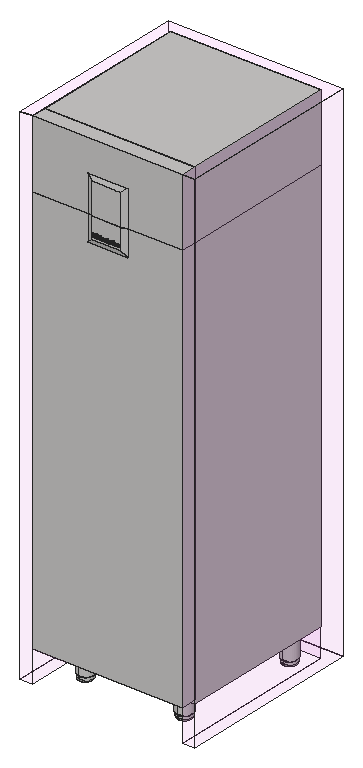
Revit family "QF_ELECTROLUXPROFESSIONAL_691352_PS04F1FHC", category Specialty Equipment, Revit 2018
Family settings
  Round Connector Dimension = Use Diameter
  Part Type = Normal
  Work Plane-Based = No
  Always vertical = Yes
  Cut with Voids When Loaded = No
  Shared = No
  Room Calculation Point = No
Parameters
  Weight = 21.3976 lbm
  Watts = 0 W
  Volts = 380 V
  URL Manufacturer = "http://professional.electrolux.com/"
  URL = "http://professional.electrolux.com/"
  Steam Supply Size = 0"
  Steam Supply Minimum Pressure = 0.00 psi
  Steam Supply Maximum Pressure = 0.00 psi
  Steam Pounds per Hour = 0
  Show Clearance [instance] = yes
  Refrigeration Suction Line Size = 0"
  Refrigeration Liquid Line Size = 0"
  Refrigerant Compressor Remote = yes
  Phase = 0
  Model = "RBC201"
  Manufacturer = "Electrolux"
  Length Actual = 600 mm  # constant formula
  Item Number = "726624"
  Hot Water Size = 0"
  Height Actual = 2040 mm  # constant formula
  HP = "0.5 HP"
  Gas Size = 0"
  Gas KW = 0
  Gas Input Pressure = 0.0 Btu/h
  Direct Waste Size = 0"
  Description = "BLAST CHILLER 56 KG 20 GN1/1"
  Depth Actual = 700 mm  # constant formula
  Cycle = 50 Hz
  Condensate Return Size = 0"
  Compressed Air Volume = 0 GPM
  Compressed Air Size = 0"
  Compressed Air Pressure = 0.00 psi
  Cold Water Size = 0"
  Accessory = yes
Types (2, lengths in mm): name | Volts | URL Manufacturer | URL | Phase | Model | Manufacturer | Item Number | Description
  (no name) | 380 V | "http://professional.electrolux.com/" | "http://professional.electrolux.com/" | 0 | "RBC201" | "Electrolux" | "726624" | "BLAST CHILLER 56 KG 20 GN1/1"
  Standard | 220 V | "http://professional.electrolux.com" | "http://professional.electrolux.com" | 1 | "PS04F1FHC" | "Electrolux Professional" | "691352" | "1-DOOR FREEZER 470LT,-15/-22°, PROSTORE-R290"
Reference planes
  plane 1 "BACK": y = 0
  plane 2: z = 0
  plane 3 "LEFT": x = 0
  plane 4 "RIGHT": x = 600
  plane 5 "FRONT": y = -700
  plane 6 "TOP": z = 2040
  plane 7 "Center Y": x = 300
  plane 8 "Center X": y = -350
  plane 9: x = 102
  plane 10: x = 498
  plane 11: z = 115
  plane 12: z = 86
  plane 13: y = -80
  plane 14: y = -694
  plane 15: y = -1227
  plane 16: y = -630
  plane 17: z = 1770
  plane 18: x = -50
  plane 19: y = 50
  plane 20: x = 650
Forms (mm)
  Extrusion 1, solid, material "QF_Metal - Stainless - Polished"
    sketch origin (0, 0, 0) x (1, 0, 0) y (0, 0, 1)
      loop
        line (0, 2040) -> (0, 1770) -> (600, 1770) -> (600, 2040) -> (0, 2040)
    from 0 to 630
  Extrusion 2, solid, material "QF_Metal - Stainless - Polished"
    sketch origin (0, 0, 0) x (1, 0, 0) y (0, 0, 1)
      loop
        line (0, 1770) -> (0, 115) -> (600, 115) -> (600, 1770) -> (0, 1770)
    from 0 to 630
  Extrusion 3, solid, material "QF_Metal - Stainless - Polished"
    sketch origin (-370, 0, -128) x (1, 0, 0) y (0, 0, 1)
      loop
        circle (450, 1847.083) r 20
    from -7.507 to 0
  Extrusion 4, solid, material "QF_Door-Drawer Clearances", visible <- "Show Clearance", detail levels coarse
    sketch origin (0, 0, 0) x (1, 0, 0) y (0, 1, 0)
      loop
        line (600, -694) -> (0, -694)
        arc (0, -694) -> (187.42, -1087.232) -> (600, -1227) r 559.707
        line (600, -1227) -> (600, -694)
    from 127.536 to 1770
  Extrusion 5, solid, material "QF_Metal - Stainless - Polished"
    sketch origin (0, 130.478, 0) x (1, 0, 0) y (0, 0, 1)
      loop
        line (0, 2040) -> (0, 1770) -> (600, 1770) -> (600, 2040) -> (0, 2040)
    from 760.478 to 824.478
  Extrusion 6, solid, material "QF_Metal - Stainless - Polished"
    sketch origin (0, 140, 0) x (1, 0, 0) y (0, 0, 1)
      loop
        line (0, 1770) -> (0, 127.536) -> (600, 127.536) -> (600, 1770) -> (0, 1770)
    from 834 to 770
  Revolve 7, solid, material "QF_Metal - Stainless - Polished"
    sketch origin (497.59, -2.833, 0) x (0, 1, 0) y (0, 0, -1)
      loop
        line (-590.954, -115) -> (-553.167, -115) -> (-553.167, 0) -> (-578.757, 0)
        arc (-578.757, 0) -> (-580.973, -2.655) -> (-581.767, -6.021) r 7.527
        line (-581.767, -6.021) -> (-581.767, -17.561) -> (-585.28, -21.074) -> (-585.28, -110.008) -> (-590.954, -110.008) -> (-590.954, -115)
      axis (-553.167, 0) -> (-553.167, -115)
    angle from 0 to 360
  Revolve 8, solid, material "QF_Metal - Stainless - Polished"
    sketch origin (102, -2.833, 0) x (0, 1, 0) y (0, 0, 1)
      loop
        line (-590.954, 115) -> (-590.954, 110.008) -> (-585.28, 110.008) -> (-585.28, 21.074) -> (-581.767, 17.561) -> (-581.767, 6.021)
        arc (-581.767, 6.021) -> (-580.973, 2.655) -> (-578.757, 0) r 7.527
        line (-578.757, 0) -> (-553.167, 0) -> (-553.167, 115) -> (-590.954, 115)
      axis (-553.167, 0) -> (-553.167, 115)
    angle from 0 to 360
  Revolve 9, solid, material "QF_Metal - Stainless - Polished"
    sketch origin (538, -759.167, 0) x (0, -1, 0) y (0, 0, 1)
      loop
        line (-716.954, 115) -> (-716.954, 110.008) -> (-711.28, 110.008) -> (-711.28, 21.074) -> (-707.767, 17.561) -> (-707.767, 6.021)
        arc (-707.767, 6.021) -> (-706.973, 2.655) -> (-704.757, 0) r 7.527
        line (-704.757, 0) -> (-679.167, 0) -> (-679.167, 115) -> (-716.954, 115)
      axis (-679.167, 0) -> (-679.167, 115)
    angle from 0 to 360
  Revolve 10, solid, material "QF_Metal - Stainless - Polished"
    sketch origin (62, -759.167, 0) x (0, -1, 0) y (0, 0, 1)
      loop
        line (-716.954, 115) -> (-716.954, 110.008) -> (-711.28, 110.008) -> (-711.28, 21.074) -> (-707.767, 17.561) -> (-707.767, 6.021)
        arc (-707.767, 6.021) -> (-706.973, 2.655) -> (-704.757, 0) r 7.527
        line (-704.757, 0) -> (-679.167, 0) -> (-679.167, 115) -> (-716.954, 115)
      axis (-679.167, 0) -> (-679.167, 115)
    angle from 0 to 360
  Blend 11, solid, material "QF_Metal - Stainless - Polished"
    base sketch origin (-150, -694, 0) x (1, 0, 0) y (0, 0, 1)
      loop
        line (370, 1914.822) -> (370, 1664.822) -> (530, 1664.822) -> (530, 1914.822) -> (370, 1914.822)
    top sketch origin (-150, -694, 0) x (1, 0, 0) y (0, 0, 1)
      loop
        line (510, 1894.822) -> (390, 1894.822) -> (390, 1684.822) -> (510, 1684.822) -> (510, 1894.822)
    from 0 to 6
  Extrusion 12, void
    sketch origin (-150, -700, 0) x (-1, 0, 0) y (0, 0, 1)
      loop
        line (-370, 1770.997) -> (-530, 1770.997) -> (-530, 1769.003) -> (-370, 1769.003) -> (-370, 1770.997)
    from 0 to 6
  Extrusion 13, solid, material "QF_Door-Drawer Clearances"
    sketch origin (0, 0, 0) x (1, 0, 0) y (0, 1, 0)
      loop
        line (0, -694) -> (0, 0) -> (600, 0) -> (600, -694) -> (650, -694) -> (650, 50) -> (-50, 50) -> (-50, -694) -> (0, -694)
    from 0 to 2040
Cuts and joins
  Extrusion 12 cuts Extrusion 1
  Extrusion 12 cuts Extrusion 2
  Extrusion 12 cuts Extrusion 5
  Extrusion 12 cuts Extrusion 6
  Extrusion 12 cuts Blend 11
Lines and regions (mm)
  Split face 1
    outline origin (-150, -700, 0) x (1, 0, 0) y (0, 0, 1)
      loop
        line (415, 1894.822) -> (415, 1742.499) -> (485, 1742.499) -> (485, 1894.822)
  symbolic lines
    curve 1: line (0, 0, 0) -> (600, 0, 0)
    curve 2: line (0, -694, 0) -> (0, 0, 0)
    curve 3: line (600, -694, 0) -> (0, -694, 0)
    curve 4: line (600, 0, 0) -> (600, -694, 0)
    curve 5: line (0, -630, 0) -> (600, -630, 0)
    curve 6: line (220, -694, 0) -> (240, -700, 0)
    curve 7: line (240, -700, 0) -> (360, -700, 0)
    curve 8: line (360, -700, 0) -> (380, -694, 0)
  symbolic lines, style "QF_Door-Drawer Clearances"
    curve 9: arc (0, -694, 0) -> (187.42, -1087.232, 0) -> (600, -1227, 0) r 559.707
    curve 10: line (600, -1227, 0) -> (600, -694, 0)
    curve 11: line (0, -694, 0) -> (-50, -694, 0)
    curve 12: line (-50, -694, 0) -> (-50, 50, 0)
    curve 13: line (-50, 50, 0) -> (650, 50, 0)
    curve 14: line (650, 50, 0) -> (650, -694, 0)
    curve 15: line (650, -694, 0) -> (600, -694, 0)
Dimensions and locks
  equal spacing: plane 3 "LEFT", plane 7 "Center Y", plane 4 "RIGHT"
  plane 3 "LEFT" to plane 4 "RIGHT" = 600 mm
  equal spacing: plane 5 "FRONT", plane 8 "Center X", plane 1 "BACK"
  plane 5 "FRONT" to plane 1 "BACK" = 700 mm
  plane 6 "TOP" to level = 2040 mm
  plane 9 to plane 3 "LEFT" = 102 mm
  plane 10 to plane 4 "RIGHT" = 102 mm
  plane 11 to level = 115 mm
  plane 12 to plane 11 = 29 mm
  plane 1 "BACK" to plane 13 = 80 mm
  plane 15 to plane 1 "BACK" = 1227 mm
  plane 3 "LEFT" to Extrusion 4 = 600 mm
  plane 11 to plane 2 = 115 mm
  plane 1 "BACK" to plane 16 = 630 mm
  plane 18 to plane 3 "LEFT" = 50 mm
  plane 4 "RIGHT" to plane 20 = 50 mm
  plane 1 "BACK" to plane 19 = 50 mm
  aligned and locked: level to plane 2
  aligned and locked: Extrusion 5 to plane 4 "RIGHT"
  aligned and locked: Extrusion 5 to plane 3 "LEFT"
  aligned and locked: plane 5 "FRONT" to Blend 11
Automatic sketch dimensions
  Extrusion 1 sketch curve to plane 3 "LEFT" = 0 mm
  plane 4 "RIGHT" to Extrusion 1 sketch curve = 0 mm
  Extrusion 1 sketch curve to plane 17 = 0 mm
  Extrusion 1 sketch curve to plane 6 "TOP" = 0 mm
  Extrusion 2 sketch curve to plane 3 "LEFT" = 0 mm
  plane 4 "RIGHT" to Extrusion 2 sketch curve = 0 mm
  Extrusion 2 sketch curve to plane 11 = 0 mm
  Extrusion 2 sketch curve to plane 17 = 0 mm
  Extrusion 3 sketch curve to plane 9 = 22 mm
  Extrusion 3 sketch curve to plane 17 = 50.917 mm
  Extrusion 4 sketch curve to plane 3 "LEFT" = 0 mm
  Extrusion 4 sketch curve to plane 4 "RIGHT" = 0 mm
  Extrusion 4 sketch curve to plane 15 = 0 mm
  plane 14 to Extrusion 4 sketch curve = 0 mm
  Extrusion 4 sketch curve to plane 14 = 25.214 mm
  Extrusion 5 sketch curve to plane 3 "LEFT" = 0 mm
  plane 4 "RIGHT" to Extrusion 5 sketch curve = 0 mm
  Extrusion 5 sketch curve to plane 17 = 0 mm
  Extrusion 5 sketch curve to plane 6 "TOP" = 0 mm
  Extrusion 6 sketch curve to plane 3 "LEFT" = 0 mm
  plane 4 "RIGHT" to Extrusion 6 sketch curve = 0 mm
  Extrusion 6 sketch curve to plane 17 = 0 mm
  plane 11 to Extrusion 6 sketch curve = 12.536 mm
  plane 11 to Revolve 7 sketch curve = 0 mm
  Revolve 7 sketch curve to level = 0 mm
  plane 16 to Revolve 7 sketch curve = 36.213 mm
  Revolve 7 sketch curve to Revolve 7 sketch curve = 5.674 mm
  Revolve 7 sketch curve to Revolve 7 sketch curve = 3.513 mm  (x2)
  Revolve 7 sketch curve to Revolve 7 sketch curve = 3.01 mm
  level to Revolve 7 sketch curve = 6.021 mm
  Revolve 7 sketch curve to Revolve 7 sketch curve = 21.073 mm
  Revolve 7 sketch curve to plane 11 = 4.992 mm  (x2)
  Revolve 7 sketch curve to Revolve 7 sketch curve = 15.053 mm
  Revolve 7 sketch curve to Revolve 7 sketch curve = 0 mm
  Revolve 7 sketch curve to Revolve 7 sketch curve = 20.008 mm
  Revolve 8 sketch curve to plane 11 = 0 mm
  Revolve 8 sketch curve to level = 0 mm
  plane 16 to Revolve 8 sketch curve = 36.213 mm
  Revolve 8 sketch curve to Revolve 8 sketch curve = 5.674 mm
  Revolve 8 sketch curve to Revolve 8 sketch curve = 3.513 mm  (x2)
  Revolve 8 sketch curve to Revolve 8 sketch curve = 3.01 mm
  level to Revolve 8 sketch curve = 6.021 mm
  Revolve 8 sketch curve to Revolve 8 sketch curve = 21.073 mm
  Revolve 8 sketch curve to Revolve 8 sketch curve = 11.54 mm
  Revolve 8 sketch curve to plane 11 = 4.992 mm
  Revolve 8 sketch curve to Revolve 8 sketch curve = 0 mm
  Revolve 8 sketch curve to Revolve 8 sketch curve = 4.992 mm
  plane 11 to Revolve 8 sketch curve = 20.008 mm
  Revolve 9 sketch curve to plane 11 = 0 mm
  Revolve 9 sketch curve to level = 0 mm
  Revolve 9 sketch curve to plane 13 = 0 mm  (x2)
  level to Revolve 9 sketch curve = 6.021 mm
  Revolve 9 sketch curve to plane 13 = 21.073 mm
  Revolve 9 sketch curve to Revolve 9 sketch curve = 4.517 mm
  Revolve 9 sketch curve to Revolve 9 sketch curve = 3.513 mm  (x2)
  Revolve 9 sketch curve to Revolve 9 sketch curve = 5.674 mm
  Revolve 9 sketch curve to Revolve 9 sketch curve = 11.54 mm
  Revolve 9 sketch curve to plane 11 = 4.992 mm
  Revolve 9 sketch curve to Revolve 9 sketch curve = 4.992 mm
  plane 11 to Revolve 9 sketch curve = 20.008 mm
  Revolve 10 sketch curve to plane 11 = 0 mm
  Revolve 10 sketch curve to level = 0 mm
  Revolve 10 sketch curve to plane 13 = 0 mm  (x2)
  Revolve 10 sketch curve to level = 6.021 mm
  plane 13 to Revolve 10 sketch curve = 21.073 mm
  Revolve 10 sketch curve to Revolve 10 sketch curve = 4.517 mm
  Revolve 10 sketch curve to Revolve 10 sketch curve = 3.513 mm  (x2)
  Revolve 10 sketch curve to Revolve 10 sketch curve = 5.674 mm
  Revolve 10 sketch curve to Revolve 10 sketch curve = 11.54 mm
  plane 11 to Revolve 10 sketch curve = 4.992 mm  (x2)
  Revolve 10 sketch curve to Revolve 10 sketch curve = 20.008 mm
  Blend 11 sketch curve to Extrusion 6 = 105.178 mm
  Blend 11 sketch curve to Extrusion 6 = 220 mm
  Blend 11 sketch curve to Blend 11 sketch curve = 160 mm
  Extrusion 6 to Blend 11 sketch curve = 144.822 mm
  Extrusion 6 to Blend 11 sketch curve = 124.822 mm
  Blend 11 sketch curve to Extrusion 6 = 240 mm
  Blend 11 sketch curve to Blend 11 sketch curve = 120 mm
  Blend 11 sketch curve to Extrusion 6 = 85.178 mm
  Split face 1 sketch curve to Blend 11 = 0 mm  (x2)
  Split face 1 sketch curve to Blend 11 = 25 mm  (x2)
  Split face 1 sketch curve to Blend 11 = 57.677 mm
  Extrusion 12 sketch curve to Blend 11 = 20 mm  (x2)
  Blend 11 to Extrusion 12 sketch curve = 84.181 mm
  Extrusion 12 sketch curve to Extrusion 12 sketch curve = 1.995 mm
  Extrusion 13 sketch curve to plane 18 = 0 mm
  plane 1 "BACK" to Extrusion 13 sketch curve = 0 mm
  Extrusion 13 sketch curve to plane 3 "LEFT" = 0 mm
  Extrusion 13 sketch curve to plane 4 "RIGHT" = 0 mm
  Extrusion 13 sketch curve to plane 19 = 0 mm
  Extrusion 13 sketch curve to plane 20 = 0 mm
  plane 14 to Extrusion 13 sketch curve = 0 mm  (x2)
  curve 13 to plane 18 = 0 mm
  curve 3 to plane 3 "LEFT" = 0 mm
  plane 5 "FRONT" to curve 7 = 0 mm
  curve 9 to plane 4 "RIGHT" = 0 mm
  curve 15 to plane 4 "RIGHT" = 0 mm
  plane 14 to curve 14 = 0 mm
  curve 14 to plane 20 = 0 mm
  curve 10 to plane 15 = 0 mm
  curve 5 to plane 16 = 0 mm
  plane 1 "BACK" to curve 4 = 0 mm
  curve 13 to plane 19 = 0 mm
  curve 7 to plane 7 "Center Y" = 60 mm
  plane 7 "Center Y" to curve 8 = 60 mm
  curve 9 to plane 14 = 25.214 mm
  curve 6 to curve 6 = 20 mm
  curve 7 to curve 8 = 20 mm
  radius of Extrusion 3 sketch curve = 20 mm
Nested families
  nested 1: "ELX_Logo_S" at (300.625, -700, 1704.375) x (1, 0, 0) z (0, -1, 0), type "ELX_Logo_S"
Connectors
  electrical at (80, 7.507, 1719.083), driven by "Volts"
    settings: on Extrusion 3, index 2, voltage 380 V, apparent load 0 VA, apparent load phase1 0 VA, apparent load phase2 0 VA, apparent load phase3 0 VA, power factor 1, load classification "Other", number of poles 1, system type 30, power factor state 1, is connector primary yes, connector utility no, sub classification motor no, connector description "Electrical Connection"
Definition of nested family "ELX_Logo_S"
  Parameters (values of type "ELX_Logo_S")
    Default Elevation = 0 mm
  Reference planes
    plane 1 "Centro (Fronte/Retro)": y = 0
    plane 2: z = 0
    plane 3 "Centro (Sinistra/Destra)": x = 0
  Forms (mm)
    Extrusion 1, solid
      sketch origin (0, 0, 0) x (1, 0, 0) y (0, 1, 0)
        loop
          line (-1219.2, 1219.2) -> (-1219.2, -1219.2) -> (1219.2, -1219.2) -> (1219.2, 1219.2) -> (-1219.2, 1219.2)
      from 0 to -304.8
    Extrusion 2, solid
      sketch origin (0, 0, 0) x (1, 0, 0) y (0, 1, 0)
        loop
          line (-43.793, 5.912) -> (-43.793, -6.455)
          arc (-43.793, -6.455) -> (-39.222, -0.272) -> (-43.793, 5.912) r 6.467
        loop
          arc (-44.422, 5.912) -> (-49.565, 4.743) -> (-52.043, 0.087) r 6.338
          line (-52.043, 0.087) -> (-49.997, 0.087)
          arc (-49.997, 0.087) -> (-46.342, 1.57) -> (-44.422, 5.016) r 5.941
          line (-44.422, 5.016) -> (-44.422, 5.912)
        loop
          arc (-44.422, -5.559) -> (-46.342, -2.114) -> (-49.997, -0.63) r 5.941
          line (-49.997, -0.63) -> (-52.043, -0.63)
          arc (-52.043, -0.63) -> (-49.569, -5.324) -> (-44.422, -6.614) r 6.504
          line (-44.422, -6.614) -> (-44.422, -5.559)
        loop
          line (-52.512, 6.586) -> (-52.512, -7.158) -> (-38.749, -7.158) -> (-38.749, 6.586) -> (-52.512, 6.586)
        loop
          arc (-35.782, 6.67) -> (-36.139, 6.322) -> (-35.801, 5.955) r 0.358
          arc (-35.801, 5.955) -> (-35.051, 5.641) -> (-34.666, 4.924) r 1.216
          line (-34.666, 4.924) -> (-34.666, -5.488)
          arc (-34.666, -5.488) -> (-34.944, -6.148) -> (-35.54, -6.544) r 1.238
          arc (-35.54, -6.544) -> (-35.791, -6.939) -> (-35.437, -7.244) r 0.358
          line (-35.437, -7.244) -> (-25.558, -7.244) -> (-25.558, -4.494) -> (-26.455, -4.494)
          arc (-26.455, -4.494) -> (-27.035, -5.403) -> (-28.012, -5.858) r 1.928
          line (-28.012, -5.858) -> (-30.511, -5.858)
          arc (-30.511, -5.858) -> (-31.24, -5.583) -> (-31.604, -4.894) r 1.101
          line (-31.604, -4.894) -> (-31.604, -0.808) -> (-27.931, -0.808)
          arc (-27.931, -0.808) -> (-27.434, -1.16) -> (-27.206, -1.725) r 1.083
          arc (-27.206, -1.725) -> (-26.9, -1.989) -> (-26.622, -1.697) r 0.292
          line (-26.622, -1.697) -> (-26.622, 1.265)
          arc (-26.622, 1.265) -> (-26.895, 1.568) -> (-27.225, 1.329) r 0.305
          arc (-27.225, 1.329) -> (-27.473, 0.839) -> (-27.931, 0.534) r 1.083
          line (-27.931, 0.534) -> (-31.604, 0.534) -> (-31.604, 5.211) -> (-27.857, 5.211)
          arc (-27.857, 5.211) -> (-27.101, 4.997) -> (-26.603, 4.39) r 1.314
          arc (-26.603, 4.39) -> (-26.199, 4.171) -> (-25.907, 4.526) r 0.361
          line (-25.907, 4.526) -> (-25.907, 6.67) -> (-35.782, 6.67)
        loop
          arc (-25.126, 5.953) -> (-24.207, 5.572) -> (-23.827, 4.654) r 1.299
          line (-23.827, 4.654) -> (-23.827, -4.925)
          arc (-23.827, -4.925) -> (-24.205, -5.763) -> (-25.083, -6.035) r 1.118
          line (-25.083, -6.035) -> (-25.083, -7.244) -> (-19.733, -7.244) -> (-19.733, -6.056)
          arc (-19.733, -6.056) -> (-20.65, -5.784) -> (-21.046, -4.914) r 1.153
          line (-21.046, -4.914) -> (-21.046, 7.158) -> (-25.126, 5.953)
        loop
          line (-17.097, -2.28) -> (-10.65, -2.28) -> (-10.65, -1.481)
          arc (-10.65, -1.481) -> (-11.634, 1.1) -> (-14.088, 2.369) r 3.874
          line (-14.088, 2.369) -> (-15.848, 2.369)
          arc (-15.848, 2.369) -> (-18.713, 1.182) -> (-19.899, -1.682) r 4.051
          line (-19.899, -1.682) -> (-19.899, -3.691)
          arc (-19.899, -3.691) -> (-18.414, -6.509) -> (-15.407, -7.561) r 4.352
          arc (-15.407, -7.561) -> (-12.944, -7.196) -> (-10.87, -5.819) r 5.713
          line (-10.87, -5.819) -> (-10.87, -4.87)
          arc (-10.87, -4.87) -> (-12.439, -5.603) -> (-14.157, -5.819) r 5.579
          arc (-14.157, -5.819) -> (-16.12, -5.025) -> (-17.097, -3.146) r 3.057
          line (-17.097, -3.146) -> (-17.097, -2.28)
        loop
          line (-17.097, -1.02) -> (-13.515, -1.02)
          arc (-13.515, -1.02) -> (-13.468, 0.436) -> (-14.627, 1.319) r 1.59
          line (-14.627, 1.319) -> (-15.457, 1.319)
          arc (-15.457, 1.319) -> (-16.712, 0.455) -> (-17.097, -1.02) r 2.184
        loop
          arc (-1.232, 1.771) -> (-2.906, 2.259) -> (-4.643, 2.417) r 9.023
          line (-4.643, 2.417) -> (-6.005, 2.417)
          arc (-6.005, 2.417) -> (-8.805, 1.257) -> (-9.965, -1.542) r 3.959
          line (-9.965, -1.542) -> (-9.965, -4.142)
          arc (-9.965, -4.142) -> (-8.672, -6.424) -> (-6.299, -7.541) r 4.331
          line (-6.299, -7.541) -> (-4.164, -7.541)
          arc (-4.164, -7.541) -> (-2.614, -7.033) -> (-1.268, -6.112) r 5.772
          arc (-1.268, -6.112) -> (-1.217, -5.35) -> (-1.976, -5.263) r 0.553
          arc (-1.976, -5.263) -> (-2.71, -5.651) -> (-3.529, -5.785) r 2.573
          line (-3.529, -5.785) -> (-5.044, -5.785)
          arc (-5.044, -5.785) -> (-6.686, -4.779) -> (-7.328, -2.965) r 2.884
          line (-7.328, -2.965) -> (-7.328, -1.686)
          arc (-7.328, -1.686) -> (-6.768, 0.135) -> (-5.103, 1.062) r 2.554
          line (-5.103, 1.062) -> (-4.05, 1.062)
          arc (-4.05, 1.062) -> (-3.122, 0.73) -> (-2.387, 0.073) r 2.564
          arc (-2.387, 0.073) -> (-1.67, -0.148) -> (-1.232, 0.461) r 0.643
          line (-1.232, 0.461) -> (-1.232, 1.771)
        loop
          line (-0.962, 0.752) -> (0.539, 0.752) -> (0.539, -5.296)
          arc (0.539, -5.296) -> (1.197, -6.884) -> (2.785, -7.541) r 2.246
          line (2.785, -7.541) -> (4.369, -7.541)
          arc (4.369, -7.541) -> (5.233, -7.228) -> (6.005, -6.727) r 4.06
          arc (6.005, -6.727) -> (6.138, -5.995) -> (5.437, -5.743) r 0.576
          arc (5.437, -5.743) -> (4.911, -5.849) -> (4.379, -5.785) r 1.69
          arc (4.379, -5.785) -> (3.591, -5.244) -> (3.288, -4.337) r 1.506
          line (3.288, -4.337) -> (3.288, 0.801) -> (5.685, 0.801) -> (6.241, 1.357) -> (6.241, 2.179) -> (3.382, 2.179) -> (3.382, 5.41) -> (-0.962, 0.752)
        loop
          line (7.139, -7.324) -> (12.526, -7.324) -> (12.526, -6.214)
          arc (12.526, -6.214) -> (11.575, -5.82) -> (11.181, -4.869) r 1.345
          line (11.181, -4.869) -> (11.181, -1.253)
          arc (11.181, -1.253) -> (11.773, -0.488) -> (12.695, -0.199) r 1.615
          line (12.695, -0.199) -> (14.251, -0.199) -> (14.936, 2.357) -> (13.553, 2.357) -> (10.994, 0.414) -> (10.994, 2.295) -> (8.288, 2.01)
          arc (8.288, 2.01) -> (7.758, 1.571) -> (7.959, 0.912) r 0.621
          arc (7.959, 0.912) -> (8.301, 0.512) -> (8.484, 0.018) r 1.501
          line (8.484, 0.018) -> (8.484, -4.869)
          arc (8.484, -4.869) -> (8.09, -5.82) -> (7.139, -6.214) r 1.345
          line (7.139, -6.214) -> (7.139, -7.324)
        loop
          line (14.473, -1.222) -> (14.473, -3.914)
          arc (14.473, -3.914) -> (15.781, -6.36) -> (18.311, -7.494) r 4.288
          arc (18.311, -7.494) -> (19.692, -7.557) -> (21.072, -7.494) r 15.022
          arc (21.072, -7.494) -> (23.603, -6.36) -> (24.91, -3.914) r 4.288
          line (24.91, -3.914) -> (24.91, -1.222)
          arc (24.91, -1.222) -> (23.603, 1.223) -> (21.072, 2.357) r 4.288
          arc (21.072, 2.357) -> (19.692, 2.421) -> (18.311, 2.357) r 15.022
          arc (18.311, 2.357) -> (15.781, 1.223) -> (14.473, -1.222) r 4.288
        loop
          line (17.587, -1.017) -> (17.587, -4.119)
          arc (17.587, -4.119) -> (19.744, -6.276) -> (21.901, -4.119) r 2.157
          line (21.901, -4.119) -> (21.901, -1.017)
          arc (21.901, -1.017) -> (19.744, 1.14) -> (17.587, -1.017) r 2.157
        loop
          arc (24.768, 5.964) -> (25.662, 5.593) -> (26.033, 4.699) r 1.264
          line (26.033, 4.699) -> (26.033, -5.165)
          arc (26.033, -5.165) -> (25.636, -6.035) -> (24.72, -6.307) r 1.153
          line (24.72, -6.307) -> (24.72, -7.244) -> (29.828, -7.244) -> (29.828, -6.316)
          arc (29.828, -6.316) -> (29.056, -5.957) -> (28.741, -5.165) r 1.153
          line (28.741, -5.165) -> (28.741, 7.158) -> (24.768, 5.964)
        loop
          arc (29.365, 1.084) -> (30.43, 0.885) -> (30.912, -0.085) r 1.215
          line (30.912, -0.085) -> (30.912, -5.105)
          arc (30.912, -5.105) -> (31.559, -6.719) -> (33.142, -7.44) r 2.338
          line (33.142, -7.44) -> (34.657, -7.44)
          arc (34.657, -7.44) -> (35.661, -7.266) -> (36.547, -6.763) r 2.979
          line (36.547, -6.763) -> (38.344, -7.244) -> (40.032, -7.244) -> (40.032, 2.181) -> (35.829, 1.887) -> (35.829, 1.101)
          arc (35.829, 1.101) -> (36.665, 0.745) -> (37.174, -0.007) r 1.605
          line (37.174, -0.007) -> (37.174, -5.11)
          arc (37.174, -5.11) -> (36.237, -5.531) -> (35.213, -5.603) r 2.94
          arc (35.213, -5.603) -> (34.112, -5.042) -> (33.669, -3.889) r 1.724
          line (33.669, -3.889) -> (33.669, 2.307) -> (29.365, 1.084)
        loop
          line (40.886, 2.112) -> (42.932, 0.44) -> (45.238, -2.734) -> (42.126, -6.191)
          arc (42.126, -6.191) -> (41.732, -6.428) -> (41.273, -6.405) r 0.789
          line (41.273, -6.405) -> (41.273, -7.244) -> (44.818, -7.244) -> (44.818, -6.418)
          arc (44.818, -6.418) -> (44.456, -6.076) -> (44.548, -5.586) r 0.52
          line (44.548, -5.586) -> (46.019, -3.786) -> (47.394, -5.904)
          arc (47.394, -5.904) -> (47.084, -6.305) -> (46.585, -6.392) r 0.7
          line (46.585, -6.392) -> (46.585, -7.244) -> (52.512, -7.244) -> (52.512, -6.358)
          arc (52.512, -6.358) -> (51.853, -6.291) -> (51.322, -5.896) r 1.247
          line (51.322, -5.896) -> (48.041, -1.696) -> (50.094, 0.751) -> (51.836, 2.112) -> (48.112, 2.112) -> (48.535, 0.627) -> (47.258, -0.895) -> (46.068, 0.806) -> (46.844, 2.112) -> (40.886, 2.112)
      from 0 to 1.644
  Dimensions and locks
    aligned and locked: plane 2 to Extrusion 1
    aligned and locked: level to Extrusion 1
